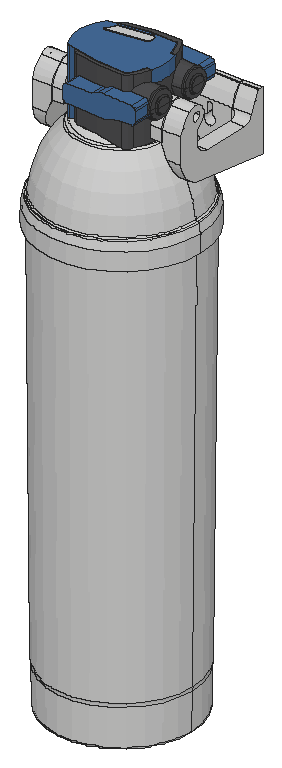
Revit family "QF_Vivreau_PURITY C500 Finest", category Specialty Equipment, Revit 2018
Family settings
  Round Connector Dimension = Use Diameter
  Part Type = Normal
  OmniClass Number = 23.40.40.14.24
  OmniClass Title = Food Dispensing Equipment
  Work Plane-Based = No
  Always vertical = Yes
  Cut with Voids When Loaded = No
  Shared = No
  Room Calculation Point = No
Parameters
  Width = 0' - 5 55/64"  # constant formula
  Weight in Pounds = 10.14
  Wall Bracket Location [instance] = if(Wall Bracket, 0' 0 15/16", 0' 0")  # 0' - 0 15/16"
  Wall Bracket [instance] = yes
  URL Cutsheet = ""
  URL = "www.vivreauwater.com/professional-filters"
  Status = ""
  Specification by User [instance] = ""
  Specification by Manufacturer = ""
  Serial Number [instance] = ""
  Seismic Rating = ""
  SMACNA No = ""
  Revision Code = ""
  Plumbing Remarks = ""
  Plumbing Connection Type = "NPT"
  NAFEM Spec ID Number = ""
  Mounting Height [instance] = 3' - 0"
  Model = "PURITY C500 Finest"
  Masterspec = "Division 11"
  Manufacturer = "Vivreau"
  Item Number [instance] = ""
  Installed By [instance] = ""
  Identify Quantity as Lot = yes
  Height = 1' - 9 197/256"  # constant formula
  Furnished By [instance] = ""
  Foodservice Equipment Identifier = yes
  Description = "Water Filter"
  Depth = 0' - 5 221/256"  # constant formula
  Cold Water Temperature Recommended = 40 °F
  Cold Water Size = 1/2"
  Cold Water RI Height = 0' - 0"
  Cold Water Minimum Pressure = 29.00 psi
  Cold Water Maximum Pressure = 124.00 psi
  Cold Water Flow = 0.440 GPM
  Cold Water Connection Height = 1' - 9"
  CSI MasterFormat = "11 46 00"
  Assembly Code = "E1090320"
Reference planes (in)
  plane 1 "BACK": y = 0
  plane 2 "REF. LAYER": z = 0
  plane 3 "Center (Left/Right)": x = 2.125
  plane 4 "Center (Front/Back)": y = -2.125
  plane 5 "Center (Bottom/Top)": z = 47.29316
  plane 6 "Center F/C": z = 57.76953
  plane 7 "Center F/G": z = 55.95224
  plane 8 "Center F/I": z = 56.86797
  plane 9 "Center F/J": x = 4.31004
  plane 10 "Center F/K": y = 0.9375
  plane 11 "Center F/S": z = 36
  plane 12 "Center F/T": x = -0.80556
  plane 13 "Center F/U": x = 5.05382
  plane 14 "Center F/V": y = -5.05612
  plane 15 "Center F/W": y = 0.80717
Forms (in)
  Revolve 1, solid, material "QF_Plastic-Grey-Vivreau"
    sketch origin (0, -2.125, 0) x (1, 0, 0) y (0, 0, 1)
      loop
        arc (2.12444, 36.23045) -> (3.38956, 36.25642) -> (4.59798, 36.63181) r 4.52345
        line (4.59798, 36.63181) -> (4.59798, 36.02069)
        arc (4.59798, 36.02069) -> (4.60404, 36.00606) -> (4.61867, 36) r 0.02069
        line (4.61867, 36) -> (4.70235, 36)
        arc (4.70235, 36) -> (4.71703, 36.00604) -> (4.7232, 36.02067) r 0.02085
        line (4.7232, 36.02067) -> (4.73499, 37.37156)
        arc (4.73499, 37.37156) -> (4.74215, 37.44281) -> (4.76216, 37.51157) r 0.39196
        line (4.76216, 37.51157) -> (4.88652, 51.95047) -> (5.05382, 51.95047) -> (5.04822, 52.59214) -> (4.96637, 52.8976)
        arc (4.96637, 52.8976) -> (4.95231, 52.91865) -> (4.92834, 52.92678) r 0.03937
        line (4.92834, 52.92678) -> (4.89246, 52.92678)
        arc (4.89246, 52.92678) -> (4.86528, 52.93767) -> (4.85313, 52.96431) r 0.03937
        arc (4.85313, 52.96431) -> (4.53924, 54.20428) -> (3.80842, 55.25402) r 3.57005
        arc (3.80842, 55.25402) -> (3.78071, 55.28126) -> (3.75272, 55.30821) r 3.6804
        arc (3.75272, 55.30821) -> (3.71893, 55.3366) -> (3.68187, 55.36057) r 0.35433
        arc (3.68187, 55.36057) -> (3.5672, 55.42144) -> (3.44977, 55.47679) r 2.72835
        line (3.44977, 55.47679) -> (3.02328, 55.47679) -> (3.02328, 55.95224) -> (2.12444, 55.95224) -> (2.12444, 36.23045)
      axis (2.12444, 55.95224) -> (2.12444, 36)
    angle from 0 to 360
Lines and regions (in)
  symbolic lines
    curve 1: arc (-0.58802, -1.01552, 0) -> (2.12941, -5.05611, 0) -> (4.83467, -1.00736, 0) r 2.93112
    curve 2: arc (0.66677, 0.41764, 0) -> (0.46868, 0.29327, 0) -> (0.28114, 0.15351, 0) r 2.93112
    curve 3: arc (3.96719, 0.15486, 0) -> (3.78043, 0.29388, 0) -> (3.58323, 0.41764, 0) r 2.93112
Dimensions and locks (in)
  plane 4 "Center (Front/Back)" to plane 1 "BACK" = 0' - 2 1/8"
  plane 8 "Center F/I" to plane 7 "Center F/G" to plane 5 "Center (Bottom/Top)" to plane 11 "Center F/S" = 0' - 0.91573" locked, 0' - 8.65907" locked, 0' - 11.29316" locked
  "Wall Bracket Location": plane 1 "BACK" to plane 10 "Center F/K"
  "Height": plane 6 "Center F/C" to plane 11 "Center F/S"
  "Mounting Height": plane 11 "Center F/S" to plane 2 "REF. LAYER"
  "Width": plane 12 "Center F/T" to plane 13 "Center F/U"
  "Depth": plane 15 "Center F/W" to plane 14 "Center F/V"
  aligned and locked: level to plane 2 "REF. LAYER"
  aligned and locked: plane 10 "Center F/K" to nested 2
  aligned and locked: plane 4 "Center (Front/Back)" to nested 1
  aligned and locked: plane 7 "Center F/G" to Revolve 1 sketch curve
  aligned and locked: plane 11 "Center F/S" to Revolve 1 sketch curve
Automatic sketch dimensions
  Revolve 1 sketch curve to plane 3 "Center (Left/Right)" = 0' - 0.91066"
  Revolve 1 sketch curve to Revolve 1 sketch curve = 0' - 0.07695"
  Revolve 1 sketch curve to plane 3 "Center (Left/Right)" = 0' - 0.00056"  (x2)
  plane 3 "Center (Left/Right)" to Revolve 1 sketch curve = 0' - 0.22066"
  plane 3 "Center (Left/Right)" to Revolve 1 sketch curve = 0' - 0.54005"
  Revolve 1 sketch curve to plane 7 "Center F/G" = 0' - 0.47545"
  plane 3 "Center (Left/Right)" to Revolve 1 sketch curve = 0' - 0.89828"
  Revolve 1 sketch curve to Revolve 1 sketch curve = 0' - 0.42649"
  Revolve 1 sketch curve to Revolve 1 sketch curve = 0' - 0.05856"
  plane 9 "Center F/J" to Revolve 1 sketch curve = 0' - 0.28794"
  plane 11 "Center F/S" to Revolve 1 sketch curve = 0' - 0.02069"
  Revolve 1 sketch curve to Revolve 1 sketch curve = 0' - 0.08369"
  plane 11 "Center F/S" to Revolve 1 sketch curve = 0' - 0.02067"
  Revolve 1 sketch curve to Revolve 1 sketch curve = 0' - 0.02085"
  plane 9 "Center F/J" to Revolve 1 sketch curve = 0' - 0.42495"
  Revolve 1 sketch curve to Revolve 1 sketch curve = 0' - 0.02717"
  plane 13 "Center F/U" to Revolve 1 sketch curve = 0' - 0.16729"
  plane 13 "Center F/U" to Revolve 1 sketch curve = 0' - 0.16136"
  Revolve 1 sketch curve to Revolve 1 sketch curve = 0' - 0.03588"
  Revolve 1 sketch curve to Revolve 1 sketch curve = 0' - 0.03803"
  plane 13 "Center F/U" to Revolve 1 sketch curve = 0' - 0.0056"
  plane 13 "Center F/U" to Revolve 1 sketch curve = 0' - 0"
  Revolve 1 sketch curve to plane 13 "Center F/U" = 0' - 0.07312"
  plane 11 "Center F/S" to Revolve 1 sketch curve = 0' - 0.23045"
  Revolve 1 sketch curve to Revolve 1 sketch curve = 0' - 0.61112"
  Revolve 1 sketch curve to Revolve 1 sketch curve = 0' - 0.73632"
  Revolve 1 sketch curve to Revolve 1 sketch curve = 0' - 0.00344"
  Revolve 1 sketch curve to Revolve 1 sketch curve = 0' - 0.64166"
  Revolve 1 sketch curve to plane 7 "Center F/G" = 0' - 3.30897"
  Revolve 1 sketch curve to Revolve 1 sketch curve = 0' - 0.0791"
  Revolve 1 sketch curve to Revolve 1 sketch curve = 0' - 0.29528"
  Revolve 1 sketch curve to Revolve 1 sketch curve = 0' - 0.01019"
  Revolve 1 sketch curve to Revolve 1 sketch curve = 0' - 0.03937"
  Revolve 1 sketch curve to Revolve 1 sketch curve = 0' - 0.25946"
  Revolve 1 sketch curve to Revolve 1 sketch curve = 0' - 0.42514"
  Revolve 1 sketch curve to Revolve 1 sketch curve = 0' - 0"  (x3)
  Revolve 1 sketch curve to Revolve 1 sketch curve = 0' - 0.0557"
  Revolve 1 sketch curve to Revolve 1 sketch curve = 0' - 0.99634"
  Revolve 1 sketch curve to Revolve 1 sketch curve = 0' - 0 3/4"
  curve 1 to curve 2 = 0' - 0"  (x2)
  curve 1 to curve 3 = 0' - 0"  (x2)
  curve 2 to curve 3 = 0' - 0"  (x2)
  curve 1 to plane 3 "Center (Left/Right)" = 0' - 0"
  plane 4 "Center (Front/Back)" to curve 2 = 0' - 0"
  curve 2 to plane 1 "BACK" = 0' - 0.41764"
  curve 2 to plane 3 "Center (Left/Right)" = 0' - 1.45823"
  curve 2 to plane 1 "BACK" = 0' - 0.15351"
  plane 12 "Center F/T" to curve 1 = 0' - 0.21753"
  curve 3 to plane 9 "Center F/J" = 0' - 0.72681"
  curve 3 to plane 1 "BACK" = 0' - 0.15486"
  curve 3 to plane 9 "Center F/J" = 0' - 0.34285"
  plane 13 "Center F/U" to curve 1 = 0' - 0.21915"
  plane 1 "BACK" to curve 1 = 0' - 1.01552"
Nested families (in)
  nested 1: "QF_Vivreau_ Filter Head_C500" at (0.56167, -0.22503, 0), Mounting Height <- "Mounting Height", type "QF_Vivreau_ Filter Head_C500"
    with Specification by User "", Serial Number "", Mounting Height 3' - 0", Installed By "", Furnished By ""
  nested 2: "QF_Vivreau_Wall Bracket_C500" at (-0.61927, 0.9375, 0), Mounting Height <- "Mounting Height", visible <- "Wall Bracket", type "QF_Vivreau_Wall Bracket_C500"
    with Specification by User "", Serial Number "", Mounting Height 3' - 0", Installed By "", Furnished By ""
Connectors (in)
  piping at (4.31004, -2.9124, 56.91406), diameter 0.5, driven by "Cold Water Size", driven by "Cold Water Flow"
    settings: on nested 1, index 1, connector inside diameter 24", connector length 0' - 0", flow factor 0, pipe flow 0.440 GPM, pressure drop 0.00 psi, fitting loss kfactor 0, connector angle 0.00°, fixture units 0, engagement length 0' - 0", angle of deflection 0.00°, flow configuration 1, flow direction 1, fitting loss method 0, system type 20, joint type 0, gender type 0, connector reference index -1, connector utility 0, adjustable connector no, is connector primary yes, connector description "Cold Water"
Definition of nested family "QF_Vivreau_ Filter Head_C500"
  Parameters (values of type "QF_Vivreau_ Filter Head_C500")
    Width = 3' - 0"
    Weight in Pounds = 0
    URL Cutsheet = ""
    Status = ""
    Specification by User [instance] = ""
    Specification by Manufacturer = ""
    Serial Number [instance] = ""
    Seismic Rating = ""
    SMACNA No = ""
    Revision Code = ""
    NAFEM Spec ID Number = ""
    Mounting Height [instance] = 3' - 0"
    Masterspec = ""
    Installed By [instance] = ""
    Identify Quantity as Lot = yes
    Height = 3' - 0"
    Furnished By [instance] = ""
    Foodservice Equipment Identifier = yes
    Depth = 3' - 0"
    CSI MasterFormat = ""
  Reference planes (in)
    plane 1 "BACK": y = 0
    plane 2 "REF. LAYER": z = 0
    plane 3 "LEFT": x = 0
    plane 4 "Center F/C": x = 3.74837
    plane 5 "Center F/D": y = -3.83618
    plane 6 "Center F/E": z = 56.91406
    plane 7 "Center F/F": z = 57.76895
    plane 8 "Center F/G": z = 55.34513
    plane 9 "Center F/H": z = 56.44072
    plane 10 "Center F/I": z = 57.26882
    plane 11 "Center F/J": y = -1.89997
    plane 12 "Center F/P": z = 36
    plane 13 "Center F/Q": z = 57.62614
  Forms (in)
    Extrusion 1, solid
      sketch origin (-0.56167, 0.22503, 0) x (1, 0, 0) y (0, 1, 0)
        loop
          arc (3.17939, -3.30146) -> (3.22697, -3.28602) -> (3.25911, -3.24769) r 0.09059
          arc (3.25911, -3.24769) -> (3.55796, -2.125) -> (3.25911, -1.00231) r 2.25819
          arc (3.25911, -1.00231) -> (3.22697, -0.96398) -> (3.17939, -0.94854) r 0.09059
          arc (3.17939, -0.94854) -> (2.02567, -0.99526) -> (0.89165, -1.21272) r 7.75678
          arc (0.89165, -1.21272) -> (0.86179, -1.21999) -> (0.83702, -1.2382) r 0.07824
          arc (0.83702, -1.2382) -> (0.56167, -2.125) -> (0.83702, -3.0118) r 1.56569
          arc (0.83702, -3.0118) -> (0.86179, -3.03001) -> (0.89165, -3.03728) r 0.07824
          arc (0.89165, -3.03728) -> (2.02567, -3.25474) -> (3.17939, -3.30146) r 7.75678
      from 55.34513 to 57.76895
    Revolve 2, solid
      sketch origin (-16.04659, -180, 56.91406) x (-1, 0, 0) y (0, -1, 0)
        loop
          line (-19.59812, -178.88743) -> (-18.72075, -178.88743) -> (-18.7668, -178.36111) -> (-19.59812, -178.37562) -> (-19.59812, -178.88743)
        axis (-18.72075, -178.88743) -> (-19.59812, -178.88743)
      angle from 0 to 360
    Revolve 3, solid
      sketch origin (-16.04659, -180, 56.91406) x (-1, 0, 0) y (0, -1, 0)
        loop
          line (-19.59812, -177.31262) -> (-18.72075, -177.31262) -> (-18.7668, -176.7863) -> (-19.59812, -176.80081) -> (-19.59812, -177.31262)
        axis (-18.72075, -177.31262) -> (-19.59812, -177.31262)
      angle from 0 to 360
    Extrusion 4, void
      sketch origin (-0.56167, 0.22503, 0) x (0, 1, 0) y (0, 0, 1)
        loop
          circle (-2.125, 56.38257) r 0.20757
      from 3.17075 to 3.70744
    Extrusion 5, void
      sketch origin (-2.8954, 0.22503, 0) x (0, 1, 0) y (0, 0, 1)
        loop
          circle (-2.125, 56.38257) r 0.20757
      from 2.77402 to 3.28855
    Revolve 6, solid
      sketch origin (-16.04659, -180, 56.91406) x (-1, 0, 0) y (0, -1, 0)
        loop
          line (-19.59812, -178.88743) -> (-19.59812, -178.41499) -> (-19.69654, -178.41499) -> (-19.69654, -178.58034) -> (-19.73591, -178.58379) -> (-19.73591, -178.63349) -> (-19.79497, -178.63349) -> (-19.79497, -178.88743) -> (-19.59812, -178.88743)
        axis (-19.59812, -178.88743) -> (-19.79497, -178.88743)
      angle from 0 to 360
    Revolve 7, solid
      sketch origin (-16.04659, -180, 56.91406) x (-1, 0, 0) y (0, -1, 0)
        loop
          line (-19.59812, -177.31262) -> (-19.59812, -176.84018) -> (-19.69654, -176.84018) -> (-19.69654, -177.00554) -> (-19.73591, -177.00898) -> (-19.73591, -177.05869) -> (-19.79497, -177.05869) -> (-19.79497, -177.31262) -> (-19.59812, -177.31262)
        axis (-19.59812, -177.31262) -> (-19.79497, -177.31262)
      angle from 0 to 360
    Extrusion 8, solid
      sketch origin (0, 0, 0) x (0, 1, 0) y (0, 0, 1)
        loop
          circle (-1.89997, 56.38257) r 0.20757
        loop
          circle (-1.89997, 56.38257) r 0.14507
      from 2.60908 to 3.01441
    Extrusion 9, solid
      sketch origin (-2.62125, 0, 0) x (0, 1, 0) y (0, 0, 1)
        loop
          circle (-1.89997, 56.38257) r 0.20757
        loop
          circle (-1.89997, 56.38257) r 0.14507
      from 2.60908 to 3.01441
    Extrusion 10, solid
      sketch origin (0, 0, 17.66797) x (1, 0, 0) y (0, 1, 0)
        loop
          arc (2.61773, -0.72352) -> (2.65703, -0.73399) -> (2.68778, -0.7606) r 0.09059
          arc (2.68778, -0.7606) -> (2.99629, -1.89997) -> (2.68778, -3.03935) r 2.25819
          arc (2.68778, -3.03935) -> (2.65703, -3.06596) -> (2.61773, -3.07643) r 0.09059
          arc (2.61773, -3.07643) -> (1.60555, -3.04475) -> (0.60613, -2.88147) r 7.75678
          arc (0.60613, -2.88147) -> (0.72009, -2.98959) -> (0.8462, -3.08325) r 1.30616
          arc (0.8462, -3.08325) -> (1.72654, -3.2138) -> (2.6163, -3.23254) r 7.05821
          arc (2.6163, -3.23254) -> (2.77551, -3.16312) -> (2.87152, -3.01839) r 0.30684
          arc (2.87152, -3.01839) -> (3.18694, -1.89997) -> (2.87152, -0.78156) r 2.14057
          arc (2.87152, -0.78156) -> (2.77551, -0.63683) -> (2.6163, -0.5674) r 0.30684
          arc (2.6163, -0.5674) -> (1.72654, -0.58614) -> (0.8462, -0.7167) r 7.05821
          arc (0.8462, -0.7167) -> (0.72009, -0.81036) -> (0.60613, -0.91847) r 1.30616
          arc (0.60613, -0.91847) -> (1.60555, -0.7552) -> (2.61773, -0.72352) r 7.75678
      from 37.67716 to 40.10098
    Extrusion 11, void
      sketch origin (0, 0, 17.66797) x (1, 0, 0) y (0, 1, 0)
        loop
          arc (2.92876, -1.35185) -> (2.99629, -1.89997) -> (2.92876, -2.4481) r 2.25819
          line (2.92876, -2.4481) -> (3.11557, -2.4481)
          arc (3.11557, -2.4481) -> (3.18694, -1.89997) -> (3.11557, -1.35185) r 2.14057
          line (3.11557, -1.35185) -> (2.92876, -1.35185)
      from 40.10098 to 39.60085
    Extrusion 12, solid
      sketch origin (0, 0, 14.25781) x (1, 0, 0) y (0, 1, 0)
        loop
          arc (0.70049, -1.02146) -> (0.59462, -1.21203) -> (0.51669, -1.41563) r 1.54109
          arc (0.51669, -1.41563) -> (0.54, -1.44367) -> (0.57618, -1.44818) r 0.04958
          arc (0.57618, -1.44818) -> (1.21574, -1.31536) -> (1.86503, -1.24405) r 6.85047
          arc (1.86503, -1.24405) -> (2.03249, -1.03201) -> (1.82552, -0.85833) r 0.19395
          arc (1.82552, -0.85833) -> (1.26009, -0.91975) -> (0.70049, -1.02146) r 7.94315
      from 43.36833 to 43.51113
    Extrusion 13, solid
      sketch origin (0, 0, 17.66797) x (1, 0, 0) y (0, 1, 0)
        loop
          arc (3.11557, -2.4481) -> (3.18694, -1.89997) -> (3.11557, -1.35185) r 2.14057
          line (3.11557, -1.35185) -> (2.92876, -1.35185)
          arc (2.92876, -1.35185) -> (2.99629, -1.89997) -> (2.92876, -2.4481) r 2.25819
          line (2.92876, -2.4481) -> (3.11557, -2.4481)
      from 39.60085 to 40.10098
    Extrusion 14, void
      sketch origin (0, 0, 14.75) x (1, 0, 0) y (0, 1, 0)
        loop
          arc (0.57618, -1.44818) -> (1.21574, -1.31536) -> (1.86503, -1.24405) r 6.85047
          arc (1.86503, -1.24405) -> (2.03249, -1.03201) -> (1.82552, -0.85833) r 0.19395
          arc (1.82552, -0.85833) -> (1.26009, -0.91975) -> (0.70049, -1.02146) r 7.94315
          arc (0.70049, -1.02146) -> (0.59462, -1.21203) -> (0.51669, -1.41563) r 1.54109
          arc (0.51669, -1.41563) -> (0.54, -1.44367) -> (0.57618, -1.44818) r 0.04958
      from 42.87614 to 43.01895
  Cuts and joins
    Extrusion 4, Extrusion 5, Extrusion 14 cuts Extrusion 1
    joined: Extrusion 1, Extrusion 13
    Extrusion 11 cuts Extrusion 10
  Lines and regions (in)
    symbolic lines
      curve 1: arc (0.32999, -2.81225, 0) -> (1.464, -3.02972, 0) -> (2.61773, -3.07643, 0) r 7.75678
      curve 2: arc (2.61773, -3.07643, 0) -> (2.6653, -3.061, 0) -> (2.69744, -3.02266, 0) r 0.09059
      curve 3: arc (2.69744, -3.02266, 0) -> (2.99629, -1.89997, 0) -> (2.69744, -0.77728, 0) r 2.25819
      curve 4: arc (2.69744, -0.77728, 0) -> (2.6653, -0.73895, 0) -> (2.61773, -0.72352, 0) r 0.09059
      curve 5: arc (2.61773, -0.72352, 0) -> (1.464, -0.77023, 0) -> (0.32999, -0.9877, 0) r 7.75678
      curve 6: arc (0.32999, -0.9877, 0) -> (0.30012, -0.99496, 0) -> (0.27535, -1.01317, 0) r 0.07824
      curve 7: arc (0.27535, -1.01317, 0) -> (0, -1.89997, 0) -> (0.27535, -2.78678, 0) r 1.56569
      curve 8: arc (0.27535, -2.78678, 0) -> (0.30012, -2.80499, 0) -> (0.32999, -2.81225, 0) r 0.07824
      curve 9: line (3.74837, -2.94131, 0) -> (3.68932, -2.94131, 0)
      curve 10: arc (0.85161, -0.6986, 0) -> (0.82653, -0.78661, 0) -> (0.80424, -0.87538, 0) r 2.89017
      curve 11: arc (0.85161, -0.6986, 0) -> (0.87512, -0.61425, 0) -> (0.90582, -0.53225, 0) r 1.0142
      curve 12: arc (0.90582, -0.53225, 0) -> (0.95826, -0.37458, 0) -> (1.01402, -0.21806, 0) r 7.87402
      curve 13: arc (1.01402, -0.21806, 0) -> (1.03304, -0.19156, 0) -> (1.06321, -0.17918, 0) r 0.05912
      curve 14: arc (1.06321, -0.17918, 0) -> (2.22788, -0.07327, 0) -> (3.39529, -0.1428, 0) r 7.79531
      curve 15: arc (3.39529, -0.1428, 0) -> (3.42859, -0.1583, 0) -> (3.44724, -0.18996, 0) r 0.0619
      curve 16: arc (3.44724, -0.18996, 0) -> (3.48188, -0.39473, 0) -> (3.50801, -0.60076, 0) r 5.02104
      curve 17: line (3.64995, -0.64013, 0) -> (3.55152, -0.64013, 0)
      curve 18: line (3.55152, -0.64013, 0) -> (3.55152, -0.60076, 0)
      curve 19: line (3.55152, -0.60076, 0) -> (3.50801, -0.60076, 0)
      curve 20: line (3.55152, -0.64013, 0) -> (3.55152, -1.62438, 0)
      curve 21: line (3.55152, -1.62438, 0) -> (2.98062, -1.63435, 0)
      curve 22: line (3.64995, -1.58501, 0) -> (3.55152, -1.58501, 0)
      curve 23: line (3.64995, -1.58501, 0) -> (3.64995, -0.64013, 0)
      curve 24: line (3.68932, -1.41621, 0) -> (3.64995, -1.41966, 0)
      curve 25: line (3.68932, -1.41621, 0) -> (3.68932, -0.80849, 0)
      curve 26: line (3.74837, -0.85864, 0) -> (3.68932, -0.85864, 0)
      curve 27: line (3.74837, -0.85864, 0) -> (3.74837, -1.36651, 0)
      curve 28: line (3.74837, -1.36651, 0) -> (3.68932, -1.36651, 0)
      curve 29: line (3.64995, -3.15982, 0) -> (3.55152, -3.15982, 0)
      curve 30: line (3.55152, -3.15982, 0) -> (3.55152, -3.19919, 0)
      curve 31: line (3.55152, -3.19919, 0) -> (3.50801, -3.19919, 0)
      curve 32: line (3.55152, -3.15982, 0) -> (3.55152, -2.17556, 0)
      curve 33: line (3.64995, -2.21493, 0) -> (3.55152, -2.21493, 0)
      curve 34: line (3.64995, -2.21493, 0) -> (3.64995, -3.15982, 0)
      curve 35: line (3.68932, -2.38373, 0) -> (3.64995, -2.38029, 0)
      curve 36: line (3.68932, -2.38373, 0) -> (3.68932, -2.99146, 0)
      curve 37: line (3.74837, -2.94131, 0) -> (3.68932, -2.94131, 0)
      curve 38: line (3.74837, -2.94131, 0) -> (3.74837, -2.43344, 0)
      curve 39: line (3.74837, -2.43344, 0) -> (3.68932, -2.43344, 0)
      curve 40: arc (0.85161, -3.10135, 0) -> (0.82653, -3.01334, 0) -> (0.80424, -2.92457, 0) r 2.89017
      curve 41: arc (0.85161, -3.10135, 0) -> (0.87512, -3.1857, 0) -> (0.90582, -3.2677, 0) r 1.0142
      curve 42: arc (0.90582, -3.2677, 0) -> (0.95826, -3.42537, 0) -> (1.01402, -3.58189, 0) r 7.87402
      curve 43: arc (1.01402, -3.58189, 0) -> (1.03304, -3.60839, 0) -> (1.06321, -3.62077, 0) r 0.05912
      curve 44: arc (1.06321, -3.62077, 0) -> (2.22788, -3.72667, 0) -> (3.39529, -3.65715, 0) r 7.79531
      curve 45: arc (3.39529, -3.65715, 0) -> (3.42859, -3.64164, 0) -> (3.44724, -3.60999, 0) r 0.0619
      curve 46: arc (3.44724, -3.60999, 0) -> (3.48188, -3.40522, 0) -> (3.50801, -3.19919, 0) r 5.02104
      curve 47: line (3.55152, -3.15982, 0) -> (3.55152, -3.19919, 0)
      curve 48: line (3.55152, -3.19919, 0) -> (3.50801, -3.19919, 0)
      curve 49: line (3.55152, -3.15982, 0) -> (3.55152, -2.17556, 0)
      curve 50: line (3.55152, -2.17556, 0) -> (2.98062, -2.1656, 0)
      curve 51: line (0, 0, 0) -> (3.74837, 0, 0)
      curve 52: line (0, -1.89997, 0) -> (2.99629, -1.89997, 0)
      curve 53: line (3.64995, -0.80549, 0) -> (3.68932, -0.80849, 0)
      curve 54: line (3.64995, -2.99446, 0) -> (3.68932, -2.99146, 0)
  Dimensions and locks (in)
    plane 7 "Center F/F" to plane 10 "Center F/I" to plane 6 "Center F/E" to plane 9 "Center F/H" to plane 8 "Center F/G" = 0' - 0.50013" locked, 0' - 0.35475" locked, 0' - 0.47334" locked, 0' - 1.09559" locked
    plane 5 "Center F/D" to plane 11 "Center F/J" to plane 1 "BACK" = 0' - 1.93621" locked, 0' - 1.89997" locked
    locked: plane 6 "Center F/E" to nested 1 at 0.05953
    locked: plane 8 "Center F/G" to plane 12 "Center F/P" at 19.34513
    "Mounting Height": plane 12 "Center F/P" to plane 2 "REF. LAYER"
    locked: plane 7 "Center F/F" to plane 13 "Center F/Q" at 0.14281
    aligned and locked: level to plane 2 "REF. LAYER"
    aligned and locked: plane 7 "Center F/F" to cut or joined group of Extrusion 1, Extrusion 4, Extrusion 5, Extrusion 13, Extrusion 14
    aligned and locked: cut or joined group of Extrusion 1, Extrusion 4, Extrusion 5, Extrusion 13, Extrusion 14 to plane 8 "Center F/G"
    aligned and locked: nested 1 to plane 11 "Center F/J"
    aligned and locked: plane 11 "Center F/J" to nested 1
    aligned and locked: Extrusion 10 to plane 8 "Center F/G"
    aligned and locked: plane 7 "Center F/F" to Extrusion 10
    aligned and locked: Extrusion 13 to plane 10 "Center F/I"
    aligned and locked: Extrusion 11 to plane 7 "Center F/F"
    aligned and locked: Extrusion 11 to plane 10 "Center F/I"
    aligned and locked: plane 7 "Center F/F" to Extrusion 13
    aligned and locked: Extrusion 12 to plane 13 "Center F/Q"
    aligned and locked: plane 7 "Center F/F" to Extrusion 12
    aligned and locked: Extrusion 14 to plane 13 "Center F/Q"
    aligned and locked: plane 7 "Center F/F" to Extrusion 14
  Automatic sketch dimensions
    curve 51 to level = 0' - 0"
    curve 51 to plane 3 "LEFT" = 0' - 0"
    curve 51 to plane 4 "Center F/C" = 0' - 0"
    curve 52 to plane 3 "LEFT" = 0' - 0"
    plane 11 "Center F/J" to curve 3 = 0' - 0"
    plane 11 "Center F/J" to curve 7 = 0' - 0"
    plane 11 "Center F/J" to curve 52 = 0' - 0"
    curve 39 to plane 4 "Center F/C" = 0' - 0"
    curve 28 to plane 4 "Center F/C" = 0' - 0"
    curve 16 to plane 3 "LEFT" = 0' - 1.48511"
    curve 46 to plane 3 "LEFT" = 0' - 1.48511"
    plane 3 "LEFT" to curve 8 = 0' - 0.33318"
    plane 3 "LEFT" to curve 6 = 0' - 0.33318"
    plane 3 "LEFT" to curve 3 = 0' - 0.7381"
    plane 1 "BACK" to curve 13 = 0' - 0.23795"
    plane 3 "LEFT" to curve 13 = 0' - 1.0697"
    curve 43 to plane 5 "Center F/D" = 0' - 0.27418"
    plane 3 "LEFT" to curve 43 = 0' - 1.0697"
    curve 3 to curve 7 = 0' - 0.82759"
    curve 7 to curve 11 = 0' - 0.27372"
    curve 7 to curve 41 = 0' - 0.27372"
    curve 14 to plane 4 "Center F/C" = 0' - 1.39888"
    curve 44 to plane 4 "Center F/C" = 0' - 1.39888"
    curve 44 to curve 1 = 0' - 0.00431"
    curve 14 to curve 5 = 0' - 0.00431"
    curve 41 to curve 2 = 0' - 0.77523"
    curve 11 to curve 4 = 0' - 0.77523"
    plane 1 "BACK" to curve 15 = 0' - 0.20414"
    curve 15 to plane 4 "Center F/C" = 0' - 0.36139"
    curve 45 to plane 4 "Center F/C" = 0' - 0.36139"
    curve 48 to plane 4 "Center F/C" = 0' - 0.24036"
    curve 19 to plane 4 "Center F/C" = 0' - 0.24036"
    curve 16 to curve 19 = 0' - 0.04351"
    curve 31 to curve 48 = 0' - 0.04351"
    curve 22 to curve 10 = 0' - 0.0667"
    curve 33 to curve 40 = 0' - 0.0667"
    curve 17 to curve 17 = 0' - 0.09843"
    curve 29 to curve 34 = 0' - 0.09843"
    curve 24 to curve 25 = 0' - 0.03937"
    curve 35 to curve 35 = 0' - 0.03937"
    plane 1 "BACK" to curve 42 = 0' - 0.86161"
    plane 4 "Center F/C" to curve 42 = 0' - 4.65484"
    curve 12 to plane 5 "Center F/D" = 0' - 0.89785"
    curve 12 to curve 42 = 0' - 0"
    curve 45 to plane 5 "Center F/D" = 0' - 0.24037"
    plane 5 "Center F/D" to curve 14 = 0' - 4.03145"
    curve 5 to curve 14 = 0' - 0.60817"
    curve 45 to curve 47 = 0' - 0.39662"
    curve 30 to curve 34 = 0' - 0.03937"
    curve 29 to curve 36 = 0' - 0.16836"
    curve 2 to plane 5 "Center F/D" = 0' - 0.85029"
    curve 36 to curve 9 = 0' - 0.05014"
    curve 2 to curve 41 = 0' - 0.11446"
    plane 11 "Center F/J" to curve 8 = 0' - 0.8341"
    plane 11 "Center F/J" to curve 46 = 0' - 0.77047"
    curve 9 to curve 39 = 0' - 0.50787"
    curve 39 to curve 36 = 0' - 0.04971"
    curve 35 to curve 40 = 0' - 0.11843"
    curve 40 to curve 34 = 0' - 0.05037"
    curve 33 to curve 49 = 0' - 0.03937"
    curve 21 to plane 11 "Center F/J" = 0' - 0.27559"
    curve 20 to curve 22 = 0' - 0.03937"
    curve 22 to curve 10 = 0' - 0.05037"
    curve 10 to curve 24 = 0' - 0.11843"
    curve 24 to curve 27 = 0' - 0.04971"
    curve 16 to plane 11 "Center F/J" = 0' - 0.77047"
    curve 6 to plane 11 "Center F/J" = 0' - 0.8341"
    plane 1 "BACK" to curve 11 = 0' - 0.92852"
    curve 27 to curve 26 = 0' - 0.50787"
    curve 11 to curve 4 = 0' - 0.11446"
    curve 26 to curve 25 = 0' - 0.05014"
    curve 25 to curve 17 = 0' - 0.16836"
    curve 17 to curve 19 = 0' - 0.03937"
    curve 44 to plane 1 "BACK" = 0' - 4.06768"
    curve 44 to curve 1 = 0' - 0.60817"
    curve 8 to curve 8 = 0' - 0.05783"
    curve 6 to curve 6 = 0' - 0.05783"
    curve 7 to curve 6 = 0' - 0.05464"
    curve 8 to curve 8 = 0' - 0.05464"
    curve 8 to curve 40 = 0' - 0.47425"
    curve 5 to curve 10 = 0' - 0.47425"
    curve 40 to curve 40 = 0' - 0.04737"
    curve 10 to curve 10 = 0' - 0.04737"
    curve 10 to curve 11 = 0' - 0.05421"
    curve 41 to curve 41 = 0' - 0.05421"
    curve 43 to curve 43 = 0' - 0.05568"
    curve 12 to curve 13 = 0' - 0.05568"
    curve 43 to curve 43 = 0' - 0.00649"
    curve 13 to curve 13 = 0' - 0.00649"
    curve 4 to curve 5 = 0' - 0"
    curve 2 to curve 1 = 0' - 0"
    curve 2 to curve 2 = 0' - 0.08279"
    curve 21 to plane 11 "Center F/J" = 0' - 0 17/64"
    plane 11 "Center F/J" to curve 50 = 0' - 0 17/64"
    curve 15 to curve 14 = 0' - 0"
    curve 45 to curve 44 = 0' - 0"
    curve 54 to curve 36 = 0' - 0.00301"
    curve 35 to curve 35 = 0' - 0.00344"
    curve 24 to curve 24 = 0' - 0.00344"
    curve 25 to curve 53 = 0' - 0.00301"
    plane 11 "Center F/J" to Extrusion 1 sketch curve = 0' - 0"  (x2)
    plane 3 "LEFT" to Extrusion 1 sketch curve = 0' - 0.33318"  (x2)
    plane 3 "LEFT" to Extrusion 1 sketch curve = 0' - 0.7381"
    Extrusion 1 sketch curve to Extrusion 1 sketch curve = 0' - 0.82759"
    Extrusion 1 sketch curve to plane 4 "Center F/C" = 0' - 1.39457"  (x2)
    Extrusion 1 sketch curve to plane 4 "Center F/C" = 0' - 1.13373"  (x2)
    plane 11 "Center F/J" to Extrusion 1 sketch curve = 0' - 0.8341"
    Extrusion 1 sketch curve to plane 5 "Center F/D" = 0' - 0.85029"
    plane 5 "Center F/D" to Extrusion 1 sketch curve = 0' - 4.63962"
    Extrusion 1 sketch curve to plane 11 "Center F/J" = 0' - 0.8341"
    plane 1 "BACK" to Extrusion 1 sketch curve = 0' - 0.81406"
    Extrusion 1 sketch curve to plane 1 "BACK" = 0' - 4.67585"
    Extrusion 1 sketch curve to Extrusion 1 sketch curve = 0' - 0.0032"  (x2)
    Extrusion 1 sketch curve to Extrusion 1 sketch curve = 0' - 0.05464"  (x2)
    Extrusion 1 sketch curve to Extrusion 1 sketch curve = 0' - 0.00308"  (x2)
    Extrusion 1 sketch curve to Extrusion 1 sketch curve = 0' - 0"
    Extrusion 1 sketch curve to Extrusion 1 sketch curve = 0' - 0.08279"
    Revolve 2 sketch curve to plane 4 "Center F/C" = 0' - 0.19685"
    Revolve 2 sketch curve to plane 11 "Center F/J" = 0' - 0.26108"
    Revolve 2 sketch curve to Revolve 2 sketch curve = 0' - 0.83132"
    Revolve 2 sketch curve to Revolve 2 sketch curve = 0' - 0.04605"
    Revolve 2 sketch curve to plane 11 "Center F/J" = 0' - 0.27559"
    Revolve 2 sketch curve to Revolve 2 sketch curve = 0' - 0.52632"
    Revolve 2 sketch curve to Revolve 2 sketch curve = 0' - 0"  (x3)
    Revolve 3 sketch curve to plane 4 "Center F/C" = 0' - 0.19685"
    Revolve 3 sketch curve to Revolve 3 sketch curve = 0' - 0.83132"
    Revolve 3 sketch curve to Revolve 3 sketch curve = 0' - 0.04605"
    plane 11 "Center F/J" to Revolve 3 sketch curve = 0' - 0.7874"
    Revolve 3 sketch curve to Revolve 3 sketch curve = 0' - 0.51181"
    Revolve 3 sketch curve to Revolve 3 sketch curve = 0' - 0.52632"
    Revolve 3 sketch curve to Revolve 3 sketch curve = 0' - 0"  (x3)
    Extrusion 4 sketch curve to plane 11 "Center F/J" = 0' - 0"
    Extrusion 4 sketch curve to plane 9 "Center F/H" = 0' - 0.05816"
    Extrusion 5 sketch curve to plane 11 "Center F/J" = 0' - 0"
    Extrusion 5 sketch curve to plane 9 "Center F/H" = 0' - 0.05816"
    Revolve 6 sketch curve to plane 4 "Center F/C" = 0' - 0"
    Revolve 6 sketch curve to plane 4 "Center F/C" = 0' - 0.05906"
    Revolve 6 sketch curve to Revolve 6 sketch curve = 0' - 0.03937"
    Revolve 6 sketch curve to Revolve 6 sketch curve = 0' - 0.09843"
    Revolve 6 sketch curve to plane 11 "Center F/J" = 0' - 0.7874"
    Revolve 6 sketch curve to Revolve 6 sketch curve = 0' - 0.25394"
    Revolve 6 sketch curve to Revolve 6 sketch curve = 0' - 0.04971"
    Revolve 6 sketch curve to Revolve 6 sketch curve = 0' - 0.00344"
    Revolve 6 sketch curve to Revolve 6 sketch curve = 0' - 0.16535"
    Revolve 6 sketch curve to Revolve 6 sketch curve = 0' - 0.0902"
    Revolve 6 sketch curve to Revolve 6 sketch curve = 0' - 0"  (x2)
    Revolve 7 sketch curve to plane 4 "Center F/C" = 0' - 0"
    Revolve 7 sketch curve to plane 4 "Center F/C" = 0' - 0.05906"
    Revolve 7 sketch curve to Revolve 7 sketch curve = 0' - 0.03937"
    Revolve 7 sketch curve to Revolve 7 sketch curve = 0' - 0.09843"
    plane 11 "Center F/J" to Revolve 7 sketch curve = 0' - 0.7874"
    Revolve 7 sketch curve to Revolve 7 sketch curve = 0' - 0.25394"
    Revolve 7 sketch curve to Revolve 7 sketch curve = 0' - 0.04971"
    Revolve 7 sketch curve to Revolve 7 sketch curve = 0' - 0.00344"
    Revolve 7 sketch curve to Revolve 7 sketch curve = 0' - 0.16535"
    Revolve 7 sketch curve to Revolve 7 sketch curve = 0' - 0.0902"
    Revolve 7 sketch curve to Revolve 7 sketch curve = 0' - 0"  (x2)
    Extrusion 8 sketch curve to Extrusion 8 sketch curve = 0' - 0"  (x6)
    Extrusion 8 sketch curve to plane 11 "Center F/J" = 0' - 0"
    Extrusion 8 sketch curve to plane 9 "Center F/H" = 0' - 0.05816"
    plane 11 "Center F/J" to Extrusion 8 sketch curve = 0' - 0.14507"
    Extrusion 9 sketch curve to Extrusion 9 sketch curve = 0' - 0"  (x6)
    Extrusion 9 sketch curve to plane 11 "Center F/J" = 0' - 0"
    Extrusion 9 sketch curve to plane 9 "Center F/H" = 0' - 0.05816"
    plane 11 "Center F/J" to Extrusion 9 sketch curve = 0' - 0.14507"
    plane 11 "Center F/J" to Extrusion 10 sketch curve = 0' - 0"  (x2)
    plane 3 "LEFT" to Extrusion 10 sketch curve = 0' - 0.7381"
    Extrusion 10 sketch curve to Extrusion 10 sketch curve = 0' - 0.30827"
    plane 11 "Center F/J" to Extrusion 10 sketch curve = 0' - 0.08971"
    Extrusion 10 sketch curve to Extrusion 10 sketch curve = 0' - 0.5141"
    Extrusion 10 sketch curve to Extrusion 10 sketch curve = 0' - 0"  (x3)
    Extrusion 10 sketch curve to plane 4 "Center F/C" = 0' - 1.42862"  (x2)
    Extrusion 10 sketch curve to Extrusion 10 sketch curve = 0' - 0.03406"  (x2)
    Extrusion 10 sketch curve to plane 4 "Center F/C" = 0' - 1.1701"  (x2)
    Extrusion 10 sketch curve to Extrusion 10 sketch curve = 0' - 0.03637"  (x2)
    Extrusion 10 sketch curve to plane 5 "Center F/D" = 0' - 0.90812"
    Extrusion 10 sketch curve to Extrusion 10 sketch curve = 0' - 0.05782"  (x2)
    plane 5 "Center F/D" to Extrusion 10 sketch curve = 0' - 3.78319"
    Extrusion 10 sketch curve to Extrusion 10 sketch curve = 0' - 0.85642"  (x2)
    Extrusion 10 sketch curve to plane 11 "Center F/J" = 0' - 0.08971"
    plane 1 "BACK" to Extrusion 10 sketch curve = 0' - 0.87188"
    Extrusion 10 sketch curve to plane 1 "BACK" = 0' - 3.81943"
    plane 3 "LEFT" to Extrusion 10 sketch curve = 0' - 0.60613"  (x2)
    Extrusion 10 sketch curve to Extrusion 10 sketch curve = 0' - 0.24007"  (x2)
    Extrusion 10 sketch curve to Extrusion 10 sketch curve = 0' - 0.00166"  (x2)
    Extrusion 10 sketch curve to Extrusion 10 sketch curve = 0' - 0.00308"  (x2)
    Extrusion 10 sketch curve to Extrusion 10 sketch curve = 0' - 0.07006"
    Extrusion 10 sketch curve to Extrusion 10 sketch curve = 0' - 0.18374"
    plane 11 "Center F/J" to Extrusion 11 sketch curve = 0' - 0"  (x2)
    plane 3 "LEFT" to Extrusion 11 sketch curve = 0' - 0.7381"
    Extrusion 11 sketch curve to Extrusion 11 sketch curve = 0' - 0.30827"
    Extrusion 11 sketch curve to plane 4 "Center F/C" = 0' - 0.81961"
    Extrusion 11 sketch curve to plane 11 "Center F/J" = 0' - 0.54813"
    Extrusion 11 sketch curve to Extrusion 11 sketch curve = 0' - 0"
    Extrusion 11 sketch curve to Extrusion 11 sketch curve = 0' - 0.18681"
    plane 3 "LEFT" to Extrusion 12 sketch curve = 0' - 0.5638"
    Extrusion 12 sketch curve to Extrusion 12 sketch curve = 0' - 1.27575"
    Extrusion 12 sketch curve to plane 11 "Center F/J" = 0' - 0.03665"
    Extrusion 12 sketch curve to Extrusion 12 sketch curve = 0' - 0.15177"
    Extrusion 12 sketch curve to plane 4 "Center F/C" = 0' - 1.46099"
    Extrusion 12 sketch curve to Extrusion 12 sketch curve = 0' - 0.11254"
    plane 5 "Center F/D" to Extrusion 12 sketch curve = 0' - 4.2453"
    Extrusion 12 sketch curve to Extrusion 12 sketch curve = 0' - 0 179/256"
    Extrusion 12 sketch curve to plane 11 "Center F/J" = 0' - 0.4998"
    Extrusion 12 sketch curve to Extrusion 12 sketch curve = 0' - 0.81155"
    Extrusion 12 sketch curve to Extrusion 12 sketch curve = 0' - 0.04711"
    Extrusion 12 sketch curve to Extrusion 12 sketch curve = 0' - 0.01238"
    Extrusion 12 sketch curve to Extrusion 12 sketch curve = 0' - 0"  (x2)
    Extrusion 12 sketch curve to Extrusion 12 sketch curve = 0' - 0.13669"
    plane 11 "Center F/J" to Extrusion 13 sketch curve = 0' - 0"  (x2)
    plane 3 "LEFT" to Extrusion 13 sketch curve = 0' - 0.7381"
    Extrusion 13 sketch curve to Extrusion 13 sketch curve = 0' - 0.30827"
    Extrusion 13 sketch curve to plane 4 "Center F/C" = 0' - 0.81961"
    plane 11 "Center F/J" to Extrusion 13 sketch curve = 0' - 0.54813"
    Extrusion 13 sketch curve to Extrusion 13 sketch curve = 0' - 0"
    Extrusion 13 sketch curve to Extrusion 13 sketch curve = 0' - 0.18681"
    plane 3 "LEFT" to Extrusion 14 sketch curve = 0' - 0.5638"
    Extrusion 14 sketch curve to Extrusion 14 sketch curve = 0' - 1.27575"
    Extrusion 14 sketch curve to plane 11 "Center F/J" = 0' - 0.03665"
    Extrusion 14 sketch curve to Extrusion 14 sketch curve = 0' - 0.15177"
    Extrusion 14 sketch curve to plane 4 "Center F/C" = 0' - 1.46099"
    Extrusion 14 sketch curve to Extrusion 14 sketch curve = 0' - 0.11254"
    plane 5 "Center F/D" to Extrusion 14 sketch curve = 0' - 4.2453"
    Extrusion 14 sketch curve to Extrusion 14 sketch curve = 0' - 0 179/256"
    Extrusion 14 sketch curve to plane 11 "Center F/J" = 0' - 0.4998"
    Extrusion 14 sketch curve to Extrusion 14 sketch curve = 0' - 0.81155"
    Extrusion 14 sketch curve to Extrusion 14 sketch curve = 0' - 0.04711"
    Extrusion 14 sketch curve to Extrusion 14 sketch curve = 0' - 0.01238"
    Extrusion 14 sketch curve to Extrusion 14 sketch curve = 0' - 0"  (x2)
    Extrusion 14 sketch curve to Extrusion 14 sketch curve = 0' - 0.13669"
    radius of Extrusion 4 sketch curve = 0' - 0.20757"
    radius of Extrusion 5 sketch curve = 0' - 0.20757"
    radius of Extrusion 8 sketch curve = 0' - 0.20757"
    radius of Extrusion 9 sketch curve = 0' - 0.20757"
  Nested families (in)
    nested 1: "QF_Vivreau_Filter Handles" at (0, 0.00348, 56.44081), type "QF_Vivreau_Filter Handles"
      with Specification by User "", Serial Number "", Installed By "", Furnished By ""
  Definition of nested family "QF_Vivreau_Filter Handles"
    Parameters (values of type "QF_Vivreau_Filter Handles")
      Width = 3' - 0"
      Weight in Pounds = 0
      URL Cutsheet = ""
      Status = ""
      Specification by User [instance] = ""
      Specification by Manufacturer = ""
      Serial Number [instance] = ""
      Seismic Rating = ""
      SMACNA No = ""
      Revision Code = ""
      NAFEM Spec ID Number = ""
      Masterspec = ""
      Installed By [instance] = ""
      Identify Quantity as Lot = yes
      Height = 3' - 0"
      Furnished By [instance] = ""
      Foodservice Equipment Identifier = yes
      Depth = 3' - 0"
      CSI MasterFormat = ""
    Reference planes (in)
      plane 1 "BACK": y = 0
      plane 2 "REF. LAYER": z = 0
      plane 3 "LEFT": x = 0
      plane 4 "Center F/C": y = -3.80691
      plane 5 "Center F/D": y = -1.90346
      plane 6 "Center F/E": z = 0.82744
      plane 7 "Center F/G": z = 0.41372
    Forms (in)
      Extrusion 1, solid
        sketch origin (0, 0, 0.00057) x (1, 0, 0) y (0, 0, 1)
          loop
            arc (0.8571, 0.55383) -> (0.83682, 0.35511) -> (0.85692, 0.15637) r 0.98817
            arc (0.85692, 0.15637) -> (0.86589, 0.12276) -> (0.88395, 0.09303) r 0.12237
            arc (0.88395, 0.09303) -> (0.93471, 0.05225) -> (0.99753, 0.03515) r 0.15952
            arc (0.99753, 0.03515) -> (1.67538, 0.00582) -> (2.35383, -0.00057) r 20.04898
            arc (2.35383, -0.00057) -> (2.46018, 0.01423) -> (2.5591, 0.056) r 0.41198
            arc (2.5591, 0.056) -> (2.66038, 0.09965) -> (2.76926, 0.11724) r 0.44816
            arc (2.76926, 0.11724) -> (2.80698, 0.11798) -> (2.84471, 0.11743) r 1.0994
            arc (2.84471, 0.11743) -> (3.11065, 0.13237) -> (3.37687, 0.14075) r 10.80002
            arc (3.37687, 0.14075) -> (3.46417, 0.17008) -> (3.51799, 0.24481) r 0.15034
            arc (3.51799, 0.24481) -> (3.52598, 0.27307) -> (3.53184, 0.30184) r 0.39378
            arc (3.53184, 0.30184) -> (3.5372, 0.4622) -> (3.53184, 0.62256) r 2.40126
            arc (3.53184, 0.62256) -> (3.52497, 0.65354) -> (3.51681, 0.6842) r 0.75395
            arc (3.51681, 0.6842) -> (3.46404, 0.75745) -> (3.37897, 0.78767) r 0.1515
            line (3.37897, 0.78767) -> (2.35397, 0.82744)
            arc (2.35397, 0.82744) -> (2.24358, 0.81406) -> (2.14136, 0.77028) r 0.39277
            arc (2.14136, 0.77028) -> (2.03449, 0.72381) -> (1.91904, 0.70788) r 0.42817
            arc (1.91904, 0.70788) -> (1.45811, 0.69557) -> (0.99753, 0.67361) r 21.98526
            arc (0.99753, 0.67361) -> (0.93424, 0.65729) -> (0.88352, 0.61606) r 0.1531
            arc (0.88352, 0.61606) -> (0.86721, 0.58626) -> (0.8571, 0.55383) r 0.17143
        from 0.08356 to 0.9172
      Extrusion 2, solid
        sketch origin (0, -2.80616, 0.00057) x (1, 0, 0) y (0, 0, 1)
          loop
            arc (0.8571, 0.55383) -> (0.83682, 0.35511) -> (0.85692, 0.15637) r 0.98817
            arc (0.85692, 0.15637) -> (0.86589, 0.12276) -> (0.88395, 0.09303) r 0.12237
            arc (0.88395, 0.09303) -> (0.93471, 0.05225) -> (0.99753, 0.03515) r 0.15952
            arc (0.99753, 0.03515) -> (1.67538, 0.00582) -> (2.35383, -0.00057) r 20.04898
            arc (2.35383, -0.00057) -> (2.46018, 0.01423) -> (2.5591, 0.056) r 0.41198
            arc (2.5591, 0.056) -> (2.66038, 0.09965) -> (2.76926, 0.11724) r 0.44816
            arc (2.76926, 0.11724) -> (2.80698, 0.11798) -> (2.84471, 0.11743) r 1.0994
            arc (2.84471, 0.11743) -> (3.11065, 0.13237) -> (3.37687, 0.14075) r 10.80002
            arc (3.37687, 0.14075) -> (3.46417, 0.17008) -> (3.51799, 0.24481) r 0.15034
            arc (3.51799, 0.24481) -> (3.52598, 0.27307) -> (3.53184, 0.30184) r 0.39378
            arc (3.53184, 0.30184) -> (3.5372, 0.4622) -> (3.53184, 0.62256) r 2.40126
            arc (3.53184, 0.62256) -> (3.52497, 0.65354) -> (3.51681, 0.6842) r 0.75395
            arc (3.51681, 0.6842) -> (3.46404, 0.75745) -> (3.37897, 0.78767) r 0.1515
            line (3.37897, 0.78767) -> (2.35397, 0.82744)
            arc (2.35397, 0.82744) -> (2.24358, 0.81406) -> (2.14136, 0.77028) r 0.39277
            arc (2.14136, 0.77028) -> (2.03449, 0.72381) -> (1.91904, 0.70788) r 0.42817
            arc (1.91904, 0.70788) -> (1.45811, 0.69557) -> (0.99753, 0.67361) r 21.98526
            arc (0.99753, 0.67361) -> (0.93424, 0.65729) -> (0.88352, 0.61606) r 0.1531
            arc (0.88352, 0.61606) -> (0.86721, 0.58626) -> (0.8571, 0.55383) r 0.17143
        from 0.08356 to 0.9172
    Lines and regions (in)
      symbolic lines
        curve 1: line (1.75, -1.90346, 0) -> (3.5, -1.90346, 0)
        curve 2: line (0.83856, 0, 0.41372) -> (3.5367, 0, 0.41372)
    Dimensions and locks (in)
      locked: plane 6 "Center F/E" to plane 2 "REF. LAYER" at 0.82744
      equal spacing: plane 6 "Center F/E", plane 7 "Center F/G", plane 2 "REF. LAYER"
      aligned and locked: level to plane 2 "REF. LAYER"
    Automatic sketch dimensions
      curve 2 to plane 7 "Center F/G" = 0' - 0"
      plane 3 "LEFT" to curve 2 = 0' - 0.83856"
      curve 2 to curve 2 = 0' - 2.69814"
      curve 1 to plane 5 "Center F/D" = 0' - 0"
      plane 3 "LEFT" to curve 1 = 0' - 1 3/4"
      curve 1 to curve 1 = 0' - 1 3/4"
      Extrusion 1 sketch curve to level = 0' - 0"  (x2)
      level to Extrusion 1 sketch curve = 0' - 0.17134"
      plane 3 "LEFT" to Extrusion 1 sketch curve = 0' - 0.97844"
      plane 7 "Center F/G" to Extrusion 1 sketch curve = 0' - 0.10746"
      Extrusion 1 sketch curve to Extrusion 1 sketch curve = 0' - 0.02478"
      Extrusion 1 sketch curve to Extrusion 1 sketch curve = 0' - 0.02868"
      Extrusion 1 sketch curve to Extrusion 1 sketch curve = 0' - 0.02179"
      plane 7 "Center F/G" to Extrusion 1 sketch curve = 0' - 0.04905"
      Extrusion 1 sketch curve to Extrusion 1 sketch curve = 0' - 0.11092"
      Extrusion 1 sketch curve to plane 7 "Center F/G" = 0' - 0.05849"
      Extrusion 1 sketch curve to Extrusion 1 sketch curve = 0' - 0.68906"
      Extrusion 1 sketch curve to Extrusion 1 sketch curve = 0' - 0.09378"
      plane 3 "LEFT" to Extrusion 1 sketch curve = 0' - 2.20319"
      plane 3 "LEFT" to Extrusion 1 sketch curve = 0' - 2.27513"
      plane 7 "Center F/G" to Extrusion 1 sketch curve = 0' - 0.0216"
      Extrusion 1 sketch curve to Extrusion 1 sketch curve = 0' - 0.52056"
      Extrusion 1 sketch curve to plane 7 "Center F/G" = 0' - 0.00175"
      Extrusion 1 sketch curve to Extrusion 1 sketch curve = 0' - 0.00519"
      plane 6 "Center F/E" to Extrusion 1 sketch curve = 0' - 0.00057"
      Extrusion 1 sketch curve to Extrusion 1 sketch curve = 0' - 0.00842"
      Extrusion 1 sketch curve to Extrusion 1 sketch curve = 0' - 0.43503"
      plane 7 "Center F/G" to Extrusion 1 sketch curve = 0' - 0.06185"
      Extrusion 1 sketch curve to Extrusion 1 sketch curve = 0' - 0.44173"
      Extrusion 1 sketch curve to Extrusion 1 sketch curve = 0' - 0.02398"
      Extrusion 1 sketch curve to plane 7 "Center F/G" = 0' - 0.04717"
      Extrusion 1 sketch curve to Extrusion 1 sketch curve = 0' - 0.35084"
      Extrusion 1 sketch curve to Extrusion 1 sketch curve = 0' - 0.22978"
      Extrusion 1 sketch curve to Extrusion 1 sketch curve = 0' - 0.23163"
      Extrusion 1 sketch curve to plane 6 "Center F/E" = 0' - 0.0392"
      Extrusion 1 sketch curve to Extrusion 1 sketch curve = 0' - 0.00587"
      plane 3 "LEFT" to Extrusion 1 sketch curve = 0' - 3.58344"
      Extrusion 1 sketch curve to level = 0' - 0.33005"
      Extrusion 1 sketch curve to Extrusion 1 sketch curve = 0' - 0.6508"
      Extrusion 1 sketch curve to Extrusion 1 sketch curve = 0' - 9.67588"
      Extrusion 1 sketch curve to Extrusion 1 sketch curve = 0' - 10 79/128"
      Extrusion 1 sketch curve to Extrusion 1 sketch curve = 0' - 0.0236"
      Extrusion 1 sketch curve to plane 7 "Center F/G" = 0' - 0.12208"
      Extrusion 1 sketch curve to Extrusion 1 sketch curve = 0' - 0.00134"
      Extrusion 1 sketch curve to Extrusion 1 sketch curve = 0' - 0.15138"
      plane 6 "Center F/E" to Extrusion 1 sketch curve = 0' - 0.30918"
      Extrusion 1 sketch curve to Extrusion 1 sketch curve = 1' - 6.91181"
      level to Extrusion 1 sketch curve = 0' - 0.09359"
      Extrusion 1 sketch curve to Extrusion 1 sketch curve = 0' - 0"  (x5)
      Extrusion 1 sketch curve to Extrusion 1 sketch curve = 0' - 0.1197"
      Extrusion 1 sketch curve to Extrusion 1 sketch curve = 0' - 0.02642"
      Extrusion 1 sketch curve to Extrusion 1 sketch curve = 0' - 0.11401"
      Extrusion 1 sketch curve to plane 6 "Center F/E" = 0' - 0.11899"
      Extrusion 1 sketch curve to Extrusion 1 sketch curve = 0' - 0.07545"
      level to Extrusion 1 sketch curve = 0' - 0.14131"
      Extrusion 1 sketch curve to plane 6 "Center F/E" = 0' - 0.14267"
      Extrusion 1 sketch curve to Extrusion 1 sketch curve = 0' - 0.01385"
      Extrusion 2 sketch curve to level = 0' - 0"  (x2)
      level to Extrusion 2 sketch curve = 0' - 0.17134"
      plane 3 "LEFT" to Extrusion 2 sketch curve = 0' - 0.97844"
      plane 7 "Center F/G" to Extrusion 2 sketch curve = 0' - 0.10746"
      Extrusion 2 sketch curve to Extrusion 2 sketch curve = 0' - 0.02478"
      Extrusion 2 sketch curve to Extrusion 2 sketch curve = 0' - 0.02868"
      Extrusion 2 sketch curve to Extrusion 2 sketch curve = 0' - 0.02179"
      plane 7 "Center F/G" to Extrusion 2 sketch curve = 0' - 0.04905"
      Extrusion 2 sketch curve to Extrusion 2 sketch curve = 0' - 0.11092"
      Extrusion 2 sketch curve to plane 7 "Center F/G" = 0' - 0.05849"
      Extrusion 2 sketch curve to Extrusion 2 sketch curve = 0' - 0.68906"
      Extrusion 2 sketch curve to Extrusion 2 sketch curve = 0' - 0.09378"
      plane 3 "LEFT" to Extrusion 2 sketch curve = 0' - 2.20319"
      plane 3 "LEFT" to Extrusion 2 sketch curve = 0' - 2.27513"
      plane 7 "Center F/G" to Extrusion 2 sketch curve = 0' - 0.0216"
      Extrusion 2 sketch curve to Extrusion 2 sketch curve = 0' - 0.52056"
      Extrusion 2 sketch curve to plane 7 "Center F/G" = 0' - 0.00175"
      Extrusion 2 sketch curve to Extrusion 2 sketch curve = 0' - 0.00519"
      plane 6 "Center F/E" to Extrusion 2 sketch curve = 0' - 0.00057"
      Extrusion 2 sketch curve to Extrusion 2 sketch curve = 0' - 0.00842"
      Extrusion 2 sketch curve to Extrusion 2 sketch curve = 0' - 0.43503"
      plane 7 "Center F/G" to Extrusion 2 sketch curve = 0' - 0.06185"
      Extrusion 2 sketch curve to Extrusion 2 sketch curve = 0' - 0.44173"
      Extrusion 2 sketch curve to Extrusion 2 sketch curve = 0' - 0.02398"
      Extrusion 2 sketch curve to plane 7 "Center F/G" = 0' - 0.04717"
      Extrusion 2 sketch curve to Extrusion 2 sketch curve = 0' - 0.35084"
      Extrusion 2 sketch curve to Extrusion 2 sketch curve = 0' - 0.22978"
      Extrusion 2 sketch curve to Extrusion 2 sketch curve = 0' - 0.23163"
      Extrusion 2 sketch curve to plane 6 "Center F/E" = 0' - 0.0392"
      Extrusion 2 sketch curve to Extrusion 2 sketch curve = 0' - 0.00587"
      plane 3 "LEFT" to Extrusion 2 sketch curve = 0' - 3.58344"
      Extrusion 2 sketch curve to level = 0' - 0.33005"
      Extrusion 2 sketch curve to Extrusion 2 sketch curve = 0' - 0.6508"
      Extrusion 2 sketch curve to Extrusion 2 sketch curve = 0' - 9.67588"
      Extrusion 2 sketch curve to Extrusion 2 sketch curve = 0' - 10 79/128"
      Extrusion 2 sketch curve to Extrusion 2 sketch curve = 0' - 0.0236"
      Extrusion 2 sketch curve to plane 7 "Center F/G" = 0' - 0.12208"
      Extrusion 2 sketch curve to Extrusion 2 sketch curve = 0' - 0.00134"
      Extrusion 2 sketch curve to Extrusion 2 sketch curve = 0' - 0.15138"
      plane 6 "Center F/E" to Extrusion 2 sketch curve = 0' - 0.30918"
      Extrusion 2 sketch curve to Extrusion 2 sketch curve = 1' - 6.91181"
      level to Extrusion 2 sketch curve = 0' - 0.09359"
      Extrusion 2 sketch curve to Extrusion 2 sketch curve = 0' - 0"  (x5)
      Extrusion 2 sketch curve to Extrusion 2 sketch curve = 0' - 0.1197"
      Extrusion 2 sketch curve to Extrusion 2 sketch curve = 0' - 0.02642"
      Extrusion 2 sketch curve to Extrusion 2 sketch curve = 0' - 0.11401"
      Extrusion 2 sketch curve to plane 6 "Center F/E" = 0' - 0.11899"
      Extrusion 2 sketch curve to Extrusion 2 sketch curve = 0' - 0.07545"
      level to Extrusion 2 sketch curve = 0' - 0.14131"
      Extrusion 2 sketch curve to plane 6 "Center F/E" = 0' - 0.14267"
      Extrusion 2 sketch curve to Extrusion 2 sketch curve = 0' - 0.01385"
Definition of nested family "QF_Vivreau_Wall Bracket_C500"
  Parameters (values of type "QF_Vivreau_Wall Bracket_C500")
    Width = 3' - 0"
    Weight in Pounds = 0
    URL Cutsheet = ""
    Status = ""
    Specification by User [instance] = ""
    Specification by Manufacturer = ""
    Serial Number [instance] = ""
    Seismic Rating = ""
    SMACNA No = ""
    Revision Code = ""
    NAFEM Spec ID Number = ""
    Mounting Height [instance] = 3' - 0"
    Masterspec = ""
    Installed By [instance] = ""
    Identify Quantity as Lot = yes
    Height = 3' - 0"
    Furnished By [instance] = ""
    Foodservice Equipment Identifier = yes
    Depth = 0' - 3 191/256"
    CSI MasterFormat = ""
  Reference planes (in)
    plane 1 "BACK": y = 0
    plane 2 "REF. LAYER": z = 0
    plane 3 "LEFT": x = 0
    plane 4 "FRONT": y = -3.74609
    plane 5 "Center (Front/Back)": y = -1.87305
    plane 6 "Center (Bottom/Top)": z = 53.82017
    plane 7 "RIGHT": x = 5.48742
    plane 8 "Center (Left/Right)": x = 2.74371
    plane 9 "Center F/C": z = 56.38281
    plane 10 "Center F/D": z = 56.74878
    plane 11 "Center F/E": z = 56.01885
    plane 12 "Center F/F": z = 55.07548
    plane 13 "Center F/I": z = 56.91406
    plane 14 "Center F/N": z = 36
  Forms (in)
    Extrusion 1, solid
      sketch origin (0, 0, 0) x (0, 1, 0) y (0, 0, 1)
        loop
          line (0, 56.01885) -> (-0.13295, 56.01885)
          arc (-0.13295, 56.01885) -> (-0.15231, 56.01143) -> (-0.16772, 55.99757) r 0.05688
          arc (-0.16772, 55.99757) -> (-0.36722, 55.67719) -> (-0.50028, 55.32401) r 1.92285
          arc (-0.50028, 55.32401) -> (-0.61574, 55.1481) -> (-0.81322, 55.07548) r 0.33566
          line (-0.81322, 55.07548) -> (-2.54186, 55.07548)
          arc (-2.54186, 55.07548) -> (-2.90112, 55.2243) -> (-3.04993, 55.58356) r 0.50808
          line (-3.04993, 55.58356) -> (-3.04993, 55.82751)
          arc (-3.04993, 55.82751) -> (-3.01891, 55.92778) -> (-2.95631, 56.01202) r 0.31113
          arc (-2.95631, 56.01202) -> (-2.87354, 56.09395) -> (-2.79381, 56.17883) r 3.21432
          arc (-2.79381, 56.17883) -> (-2.73635, 56.27963) -> (-2.7179, 56.39419) r 0.32555
          arc (-2.7179, 56.39419) -> (-2.77627, 56.58692) -> (-2.92668, 56.72083) r 0.37126
          arc (-2.92668, 56.72083) -> (-3.14017, 56.75004) -> (-3.32952, 56.64719) r 0.34587
          arc (-3.32952, 56.64719) -> (-3.60078, 56.37477) -> (-3.74609, 56.01885) r 0.97803
          line (-3.74609, 56.01885) -> (-3.74609, 55.07548)
          arc (-3.74609, 55.07548) -> (-3.52094, 54.5461) -> (-3.04993, 54.2158) r 1.04614
          line (-3.04993, 54.2158) -> (0, 53.82017) -> (0, 56.01885)
        loop
          circle (-3.06236, 56.38281) r 0.17302
      from 0 to 0.71175
    Extrusion 2, solid
      sketch origin (4.77567, 0, 0) x (0, 1, 0) y (0, 0, 1)
        loop
          line (0, 56.01885) -> (-0.13295, 56.01885)
          arc (-0.13295, 56.01885) -> (-0.15231, 56.01143) -> (-0.16772, 55.99757) r 0.05688
          arc (-0.16772, 55.99757) -> (-0.36722, 55.67719) -> (-0.50028, 55.32401) r 1.92285
          arc (-0.50028, 55.32401) -> (-0.61574, 55.1481) -> (-0.81322, 55.07548) r 0.33566
          line (-0.81322, 55.07548) -> (-2.54186, 55.07548)
          arc (-2.54186, 55.07548) -> (-2.90112, 55.2243) -> (-3.04993, 55.58356) r 0.50808
          line (-3.04993, 55.58356) -> (-3.04993, 55.82751)
          arc (-3.04993, 55.82751) -> (-3.01891, 55.92778) -> (-2.95631, 56.01202) r 0.31113
          arc (-2.95631, 56.01202) -> (-2.87354, 56.09395) -> (-2.79381, 56.17883) r 3.21432
          arc (-2.79381, 56.17883) -> (-2.73635, 56.27963) -> (-2.7179, 56.39419) r 0.32555
          arc (-2.7179, 56.39419) -> (-2.77627, 56.58692) -> (-2.92668, 56.72083) r 0.37126
          arc (-2.92668, 56.72083) -> (-3.14017, 56.75004) -> (-3.32952, 56.64719) r 0.34587
          arc (-3.32952, 56.64719) -> (-3.60078, 56.37477) -> (-3.74609, 56.01885) r 0.97803
          line (-3.74609, 56.01885) -> (-3.74609, 55.07548)
          arc (-3.74609, 55.07548) -> (-3.52094, 54.5461) -> (-3.04993, 54.2158) r 1.04614
          line (-3.04993, 54.2158) -> (0, 53.82017) -> (0, 56.01885)
        loop
          circle (-3.06236, 56.38281) r 0.17302
      from 0 to 0.71175
    Extrusion 3, solid
      sketch origin (0, 0, 0) x (0, 1, 0) y (0, 0, 1)
        loop
          line (0, 56.01885) -> (-0.13295, 56.01885)
          arc (-0.13295, 56.01885) -> (-0.15231, 56.01143) -> (-0.16772, 55.99757) r 0.05688
          arc (-0.16772, 55.99757) -> (-0.36722, 55.67719) -> (-0.50028, 55.32401) r 1.92285
          line (-0.50028, 55.32401) -> (-0.50028, 53.88506) -> (0, 53.82017) -> (0, 56.01885)
      from 0.71175 to 4.77567
    Extrusion 4, void
      sketch origin (0, 0, 0) x (1, 0, 0) y (0, 0, 1)
        loop
          arc (1.43554, 54.83453) -> (1.53706, 54.4449) -> (1.64054, 54.83401) r 0.20818
          line (1.64054, 54.83401) -> (1.64054, 55.15765)
          arc (1.64054, 55.15765) -> (1.53804, 55.23272) -> (1.43554, 55.15765) r 0.10752
          line (1.43554, 55.15765) -> (1.43554, 54.83453)
        loop
          arc (3.85556, 54.83453) -> (3.95709, 54.4449) -> (4.06057, 54.83401) r 0.20818
          line (4.06057, 54.83401) -> (4.06057, 55.15765)
          arc (4.06057, 55.15765) -> (3.95806, 55.23272) -> (3.85556, 55.15765) r 0.10752
          line (3.85556, 55.15765) -> (3.85556, 54.83453)
      from 0 to 0.50028
    Extrusion 5, solid
      sketch origin (0, 0, 0) x (0, 1, 0) y (0, 0, 1)
        loop
          arc (-3.32952, 56.64719) -> (-3.60078, 56.37477) -> (-3.74609, 56.01885) r 0.97803
